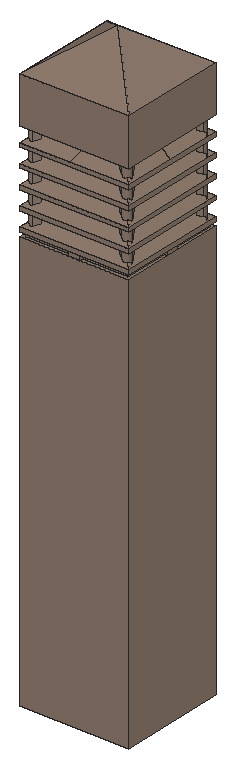
Revit family "BL6261", category Generic Models, Revit 2014
Parameters
  TOP CAP = Bronze, Architectural
  LOUVERS = Bronze, Architectural
  LENS = Acrylic
  DISK LOUVERS = Bronze, Architectural
  BODY = Bronze, Architectural
Reference planes (in)
  plane 1 "Center (Front/Back)": y = 0
  plane 2: z = 0
  plane 3 "Center (Left/Right)": x = 0
Forms (in)
  Extrusion 1, solid, material "Bronze, Architectural" <- "BODY"
    sketch origin (0, 0, 0.24657) x (1, 0, 0) y (0, 0, 1)
      loop
        line (4.0044, -0.24657) -> (4.0044, 30.68921) -> (-3.9956, 30.68921) -> (-3.9956, -0.24657) -> (4.0044, -0.24657)
    from -4 to 4
  SweptBlend 2, solid, material "Bronze, Architectural" <- "LOUVERS"
    path origin (0, 0, 0.24657) x (1, 0, 0) y (0, 0, 1)
      loop
        line (0, 36.60171) -> (0, 36.91421)
    profile origin (0, 0, 36.84828) x (-1, 0, 0) y (0, -1, 0)
      loop
        line (4, -4) -> (4, 4) -> (-4, 4) -> (-4, -4) -> (4, -4)
    end profile origin (0, 0, 37.16078) x (-1, 0, 0) y (0, -1, 0)
      loop
        line (4, -4) -> (4, 4) -> (-4, 4) -> (-4, -4) -> (4, -4)
  SweptBlend 3, solid, material "Bronze, Architectural" <- "LOUVERS"
    path origin (0, 0, 0.24657) x (1, 0, 0) y (0, 0, 1)
      loop
        line (0, 36.91421) -> (0, 37.91421)
    profile origin (0, 0, 37.16078) x (-1, 0, 0) y (0, -1, 0)
      loop
        line (4, -4) -> (4, 4) -> (-4, 4) -> (-4, -4) -> (4, -4)
    end profile origin (0, 0, 38.16078) x (-1, 0, 0) y (0, -1, 0)
      loop
        line (2.75, -2.75) -> (2.75, 2.75) -> (-2.75, 2.75) -> (-2.75, -2.75) -> (2.75, -2.75)
  SweptBlend 4, solid, material "Bronze, Architectural" <- "LOUVERS"
    path origin (0, 0, -1.15343) x (1, 0, 0) y (0, 0, 1)
      loop
        line (0, 36.60171) -> (0, 36.91421)
    profile origin (0, 0, 35.44828) x (-1, 0, 0) y (0, -1, 0)
      loop
        line (4, -4) -> (4, 4) -> (-4, 4) -> (-4, -4) -> (4, -4)
    end profile origin (0, 0, 35.76078) x (-1, 0, 0) y (0, -1, 0)
      loop
        line (4, -4) -> (4, 4) -> (-4, 4) -> (-4, -4) -> (4, -4)
  SweptBlend 5, solid, material "Bronze, Architectural" <- "LOUVERS"
    path origin (0, 0, -1.15343) x (1, 0, 0) y (0, 0, 1)
      loop
        line (0, 36.91421) -> (0, 37.91421)
    profile origin (0, 0, 35.76078) x (-1, 0, 0) y (0, -1, 0)
      loop
        line (4, -4) -> (4, 4) -> (-4, 4) -> (-4, -4) -> (4, -4)
    end profile origin (0, 0, 36.76078) x (-1, 0, 0) y (0, -1, 0)
      loop
        line (2.75, -2.75) -> (2.75, 2.75) -> (-2.75, 2.75) -> (-2.75, -2.75) -> (2.75, -2.75)
  SweptBlend 6, solid, material "Bronze, Architectural" <- "LOUVERS"
    path origin (0, 0, -2.55343) x (1, 0, 0) y (0, 0, 1)
      loop
        line (0, 36.60171) -> (0, 36.91421)
    profile origin (0, 0, 34.04828) x (-1, 0, 0) y (0, -1, 0)
      loop
        line (4, -4) -> (4, 4) -> (-4, 4) -> (-4, -4) -> (4, -4)
    end profile origin (0, 0, 34.36078) x (-1, 0, 0) y (0, -1, 0)
      loop
        line (4, -4) -> (4, 4) -> (-4, 4) -> (-4, -4) -> (4, -4)
  SweptBlend 7, solid, material "Bronze, Architectural" <- "LOUVERS"
    path origin (0, 0, -2.55343) x (1, 0, 0) y (0, 0, 1)
      loop
        line (0, 36.91421) -> (0, 37.91421)
    profile origin (0, 0, 34.36078) x (-1, 0, 0) y (0, -1, 0)
      loop
        line (4, -4) -> (4, 4) -> (-4, 4) -> (-4, -4) -> (4, -4)
    end profile origin (0, 0, 35.36078) x (-1, 0, 0) y (0, -1, 0)
      loop
        line (2.75, -2.75) -> (2.75, 2.75) -> (-2.75, 2.75) -> (-2.75, -2.75) -> (2.75, -2.75)
  SweptBlend 8, solid, material "Bronze, Architectural" <- "LOUVERS"
    path origin (0, 0, -3.95343) x (1, 0, 0) y (0, 0, 1)
      loop
        line (0, 36.60171) -> (0, 36.91421)
    profile origin (0, 0, 32.64828) x (-1, 0, 0) y (0, -1, 0)
      loop
        line (4, -4) -> (4, 4) -> (-4, 4) -> (-4, -4) -> (4, -4)
    end profile origin (0, 0, 32.96078) x (-1, 0, 0) y (0, -1, 0)
      loop
        line (4, -4) -> (4, 4) -> (-4, 4) -> (-4, -4) -> (4, -4)
  SweptBlend 9, solid, material "Bronze, Architectural" <- "LOUVERS"
    path origin (0, 0, -3.95343) x (1, 0, 0) y (0, 0, 1)
      loop
        line (0, 36.91421) -> (0, 37.91421)
    profile origin (0, 0, 32.96078) x (-1, 0, 0) y (0, -1, 0)
      loop
        line (4, -4) -> (4, 4) -> (-4, 4) -> (-4, -4) -> (4, -4)
    end profile origin (0, 0, 33.96078) x (-1, 0, 0) y (0, -1, 0)
      loop
        line (2.75, -2.75) -> (2.75, 2.75) -> (-2.75, 2.75) -> (-2.75, -2.75) -> (2.75, -2.75)
  SweptBlend 10, solid, material "Bronze, Architectural" <- "LOUVERS"
    path origin (0, 0, -5.35343) x (1, 0, 0) y (0, 0, 1)
      loop
        line (0, 36.60171) -> (0, 36.91421)
    profile origin (0, 0, 31.24828) x (-1, 0, 0) y (0, -1, 0)
      loop
        line (4, -4) -> (4, 4) -> (-4, 4) -> (-4, -4) -> (4, -4)
    end profile origin (0, 0, 31.56078) x (-1, 0, 0) y (0, -1, 0)
      loop
        line (4, -4) -> (4, 4) -> (-4, 4) -> (-4, -4) -> (4, -4)
  SweptBlend 11, solid, material "Bronze, Architectural" <- "LOUVERS"
    path origin (0, 0, -5.35343) x (1, 0, 0) y (0, 0, 1)
      loop
        line (0, 36.91421) -> (0, 37.91421)
    profile origin (0, 0, 31.56078) x (-1, 0, 0) y (0, -1, 0)
      loop
        line (4, -4) -> (4, 4) -> (-4, 4) -> (-4, -4) -> (4, -4)
    end profile origin (0, 0, 32.56078) x (-1, 0, 0) y (0, -1, 0)
      loop
        line (2.75, -2.75) -> (2.75, 2.75) -> (-2.75, 2.75) -> (-2.75, -2.75) -> (2.75, -2.75)
  Extrusion 12, solid, material "Bronze, Architectural" <- "BODY"
    sketch origin (0, 0, 0.24657) x (1, 0, 0) y (0, 0, 1)
      loop
        line (3.7544, 30.68921) -> (3.7544, 31.00171) -> (-3.7456, 31.00171) -> (-3.7456, 30.68921) -> (3.7544, 30.68921)
    from -3.75 to 3.75
  Extrusion 13, solid, material "Bronze, Architectural" <- "BODY"
    sketch origin (-0.00442, 0, 0.24657) x (1, 0, 0) y (0, 0, 1)
      loop
        line (0.44194, 30.68921) -> (0.44194, 31.00171) -> (-0.43311, 31.00171) -> (-0.43311, 30.68921) -> (0.44194, 30.68921)
    from -4 to -3.75
  Extrusion 14, solid, material "Bronze, Architectural" <- "BODY"
    sketch origin (0, 0.00442, 0.24657) x (0, -1, 0) y (0, 0, 1)
      loop
        line (0.44194, 30.68921) -> (0.44194, 31.00171) -> (-0.43311, 31.00171) -> (-0.43311, 30.68921) -> (0.44194, 30.68921)
    from -4 to -3.7544
  Extrusion 15, solid, material "Bronze, Architectural" <- "BODY"
    sketch origin (0.00391, -0.00442, 0.24657) x (0, 1, 0) y (0, 0, 1)
      loop
        line (0.44194, 30.68921) -> (0.44194, 31.00171) -> (-0.43311, 31.00171) -> (-0.43311, 30.68921) -> (0.44194, 30.68921)
    from -3.99951 to -3.74951
  Extrusion 16, solid, material "Bronze, Architectural" <- "BODY"
    sketch origin (0.00442, 0, 0.24657) x (-1, 0, 0) y (0, 0, 1)
      loop
        line (0.44194, 30.68921) -> (0.44194, 31.00171) -> (-0.43311, 31.00171) -> (-0.43311, 30.68921) -> (0.44194, 30.68921)
    from -4 to -3.75
  Extrusion 17, solid, material "Bronze, Architectural" <- "DISK LOUVERS"
    sketch origin (53.85949, 4.44706, 33.6898) x (-0.707107, -0.707107, 0) y (0.707107, -0.707107, 0)
      loop
        line (46.1548, -34.63659) -> (45.74042, -34.53361)
        arc (45.74042, -34.53361) -> (45.76694, -34.93986) -> (45.74042, -35.34611) r 3.125
        line (45.74042, -35.34611) -> (46.1548, -35.24314)
        arc (46.1548, -35.24314) -> (46.39194, -34.93986) -> (46.1548, -34.63659) r 0.3125
    from -2.44152 to 4.55848
  SweptBlend 18, solid, material "Bronze, Architectural" <- "LOUVERS"
    path origin (0, 0, 0.24657) x (0, -1, 0) y (0, 0, 1)
      loop
        line (0, 36.91421) -> (0, 37.91421)
    profile origin (0, 0, 37.16078) x (0, 1, 0) y (-1, 0, 0)
      loop
        line (4, -4) -> (4, 4) -> (-4, 4) -> (-4, -4) -> (4, -4)
    end profile origin (0, 0, 38.16078) x (0, 1, 0) y (-1, 0, 0)
      loop
        line (2.75, -2.75) -> (2.75, 2.75) -> (-2.75, 2.75) -> (-2.75, -2.75) -> (2.75, -2.75)
  Extrusion 19, solid, material "Bronze, Architectural" <- "DISK LOUVERS"
    sketch origin (4.44706, -53.85949, 33.6898) x (-0.707107, 0.707107, 0) y (-0.707107, -0.707107, 0)
      loop
        line (46.1548, -34.63659) -> (45.74042, -34.53361)
        arc (45.74042, -34.53361) -> (45.76694, -34.93986) -> (45.74042, -35.34611) r 3.125
        line (45.74042, -35.34611) -> (46.1548, -35.24314)
        arc (46.1548, -35.24314) -> (46.39194, -34.93986) -> (46.1548, -34.63659) r 0.3125
    from -2.44152 to 4.55848
  Extrusion 20, solid, material "Bronze, Architectural" <- "DISK LOUVERS"
    sketch origin (-53.85949, -4.44706, 33.6898) x (0.707107, 0.707107, 0) y (-0.707107, 0.707107, 0)
      loop
        line (46.1548, -34.63659) -> (45.74042, -34.53361)
        arc (45.74042, -34.53361) -> (45.76694, -34.93986) -> (45.74042, -35.34611) r 3.125
        line (45.74042, -35.34611) -> (46.1548, -35.24314)
        arc (46.1548, -35.24314) -> (46.39194, -34.93986) -> (46.1548, -34.63659) r 0.3125
    from -2.44152 to 4.55848
  Extrusion 21, solid, material "Bronze, Architectural" <- "DISK LOUVERS"
    sketch origin (-4.44706, 53.85949, 33.6898) x (0.707107, -0.707107, 0) y (0.707107, 0.707107, 0)
      loop
        line (46.1548, -34.63659) -> (45.74042, -34.53361)
        arc (45.74042, -34.53361) -> (45.76694, -34.93986) -> (45.74042, -35.34611) r 3.125
        line (45.74042, -35.34611) -> (46.1548, -35.24314)
        arc (46.1548, -35.24314) -> (46.39194, -34.93986) -> (46.1548, -34.63659) r 0.3125
    from -2.44152 to 4.55848
  Extrusion 22, solid, material "Acrylic" <- "LENS"
    sketch origin (18.55474, 0, -3.55331) x (1, 0, 0) y (0, 0, 1)
      loop
        line (-15.55474, 41.80158) -> (-21.55474, 41.80158) -> (-21.55474, 34.80158) -> (-15.55474, 34.80158) -> (-15.55474, 41.80158)
    from -2.99823 to 3.00008
  Extrusion 23, solid, material "Bronze, Architectural" <- "TOP CAP"
    sketch origin (0, 0, -6.28516) x (1, 0, 0) y (0, 0, 1)
      loop
        line (4, 44.5338) -> (4, 47.98297) -> (-4, 47.98297) -> (-4, 44.5338) -> (4, 44.5338)
    from -4 to 4
  SweptBlend 24, solid, material "Bronze, Architectural" <- "TOP CAP"
    path origin (0, 0, -6.28516) x (1, 0, 0) y (0, 0, 1)
      loop
        line (0, 47.98297) -> (0, 50.7838)
    profile origin (0, 0, 41.69781) x (-1, 0, 0) y (0, -1, 0)
      loop
        line (4, -4) -> (4, 4) -> (-4, 4) -> (-4, -4) -> (4, -4)
    end profile origin (0, 0, 44.49864) x (-1, 0, 0) y (0, -1, 0)
      loop
        line (-0.03125, -0.03125) -> (0.03125, -0.03125) -> (0.03125, 0.03125) -> (-0.03125, 0.03125) -> (-0.03125, -0.03125)
Dimensions and locks (in)
  aligned and locked: plane 2 to level
